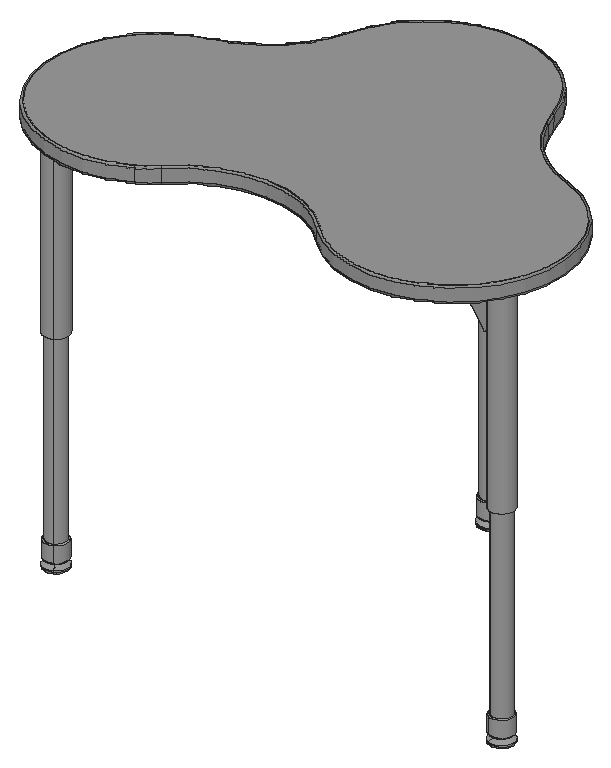
Revit family "Hierarchy Cloud 9 Small Desk", category Furniture, Revit 2018
Family settings
  Work Plane-Based = No
  Always vertical = Yes
  Cut with Voids When Loaded = No
  Shared = No
  Room Calculation Point = No
Parameters
  Table Height = 2' - 5"
  Surface = Hierarchy Cloud 9 Small Desk Surface
  Leg Finish = Hierarchy Leg Platinum
  Edgeband = Hierarchy Cloud 9 Small Desk Edgeband
  Caster/Glide = Hierarchy Leg - Glide : Hierarchy Leg - Glide
Reference planes
  plane 1 "Center (Front/Back)": y = 0
  plane 2: z = 0
  plane 3 "Center (Left/Right)": x = 0
  plane 4 "Table Height": z = 736.6
Dimensions and locks
  "Table Height": plane 4 "Table Height" to level
  aligned and locked: plane 2 to level
  aligned and locked: nested 1 to plane 4 "Table Height"
Nested families
  nested 1: "Cloud 9 Small Tabletop" at (0, 0, 30.645), type "Cloud 9 Small Tabletop"
  nested 2: "Hierarchy Leg - Glide" at (-400.129, -201.076, 0) x (-0.4871, 0.8734, 0) z (0, 0, 1), Leg Height <- "Table Height", type <- "Caster/Glide", Leg Finish <- "Leg Finish", type "Hierarchy Leg - Glide"
  nested 3: "Hierarchy Leg - Glide" at (0, 275.102, 0), Leg Finish <- "Leg Finish", Leg Height <- "Table Height", type "Hierarchy Leg - Glide"
    with Leg Height 2' - 5", Leg Finish Hierarchy Leg Platinum
  nested 4: "Hierarchy Leg - Glide" at (400.129, -201.076, 0) x (0.4871, 0.8734, 0) z (0, 0, 1), Leg Height <- "Table Height", type <- "Caster/Glide", Leg Finish <- "Leg Finish", type "Hierarchy Leg - Glide"
Definition of nested family "Cloud 9 Small Tabletop"
  Parameters (values of type "Cloud 9 Small Tabletop")
    Surface = none
    Edgeband = none
  Reference planes
    plane 1 "Center (Front/Back)": y = 0
    plane 2: z = 0
    plane 3 "Center (Left/Right)": x = 0
  Forms (mm)
    Extrusion 1, solid, material <- "Surface"
      sketch origin (53.224, -154.138, 0) x (1, 0, 0) y (0, 1, 0)
        loop
          arc (-233.074, -143.809) -> (-218.191, -134.126) -> (-204.781, -122.489) r 128.841
          arc (-204.781, -122.489) -> (-64.077, -61.869) -> (77.873, -119.511) r 198.469
          arc (77.873, -119.511) -> (373.118, -84.137) -> (270.899, 195.098) r 189.618
          arc (270.899, 195.098) -> (193.335, 237.04) -> (141.596, 308.443) r 198.461
          arc (141.596, 308.443) -> (136.305, 322.027) -> (131.148, 335.662) r 1492.15
          arc (131.148, 335.662) -> (-53.224, 476.061) -> (-237.596, 335.662) r 191.257
          arc (-237.596, 335.662) -> (-242.753, 322.027) -> (-248.044, 308.443) r 1492.15
          arc (-248.044, 308.443) -> (-300.697, 243.586) -> (-375.084, 205.568) r 202.08
          arc (-375.084, 205.568) -> (-501.451, -49.345) -> (-233.074, -143.809) r 189.975
      from 705.955 to 734.53
    Sweep 2, solid, material <- "Edgeband"
      path in 3D
        loop
          arc (184.372, 181.524, 734.53) -> (189.529, 167.889, 734.53) -> (194.82, 154.305, 734.53) r 1492.15
          arc (194.82, 154.305, 734.53) -> (246.559, 82.902, 734.53) -> (324.123, 40.96, 734.53) r 198.461
          arc (324.123, 40.96, 734.53) -> (426.342, -238.275, 734.53) -> (131.097, -273.649, 734.53) r 189.618
          arc (131.097, -273.649, 734.53) -> (-10.853, -216.007, 734.53) -> (-151.557, -276.627, 734.53) r 198.469
          arc (-151.557, -276.627, 734.53) -> (-164.967, -288.264, 734.53) -> (-179.85, -297.946, 734.53) r 128.841
          arc (-179.85, -297.946, 734.53) -> (-448.227, -203.483, 734.53) -> (-321.86, 51.43, 734.53) r 189.975
          arc (-321.86, 51.43, 734.53) -> (-247.473, 89.449, 734.53) -> (-194.82, 154.305, 734.53) r 202.08
          arc (-194.82, 154.305, 734.53) -> (-189.529, 167.889, 734.53) -> (-184.372, 181.524, 734.53) r 1492.15
          arc (-184.372, 181.524, 734.53) -> (0, 321.923, 734.53) -> (184.372, 181.524, 734.53) r 191.257
      profile origin (0, 321.923, 734.53) x (0, 1, 0) y (0, 0, 1)
        loop
          line (0, 0) -> (0, -28.575)
          arc (0, -28.575) -> (2.295, -27.624) -> (3.245, -25.33) r 3.245
          line (3.245, -25.33) -> (3.245, -3.245)
          arc (3.245, -3.245) -> (2.295, -0.951) -> (0, 0) r 3.245
  Lines and regions (mm)
    sketch lines
      curve 1: arc (-184.372, 181.524, 734.53) -> (0, 321.923, 734.53) -> (184.372, 181.524, 734.53) r 191.257
      curve 2: arc (-194.82, 154.305, 734.53) -> (-189.529, 167.889, 734.53) -> (-184.372, 181.524, 734.53) r 1492.15
      curve 3: arc (-321.86, 51.43, 734.53) -> (-247.473, 89.449, 734.53) -> (-194.82, 154.305, 734.53) r 202.08
      curve 4: arc (-179.85, -297.946, 734.53) -> (-448.227, -203.483, 734.53) -> (-321.86, 51.43, 734.53) r 189.975
      curve 5: arc (131.097, -273.649, 734.53) -> (-10.853, -216.007, 734.53) -> (-151.557, -276.627, 734.53) r 198.469
      curve 6: arc (324.123, 40.96, 734.53) -> (426.342, -238.275, 734.53) -> (131.097, -273.649, 734.53) r 189.618
      curve 7: arc (194.82, 154.305, 734.53) -> (246.559, 82.902, 734.53) -> (324.123, 40.96, 734.53) r 198.461
      curve 8: arc (184.372, 181.524, 734.53) -> (189.529, 167.889, 734.53) -> (194.82, 154.305, 734.53) r 1492.15
      curve 9: arc (-151.557, -276.627, 734.53) -> (-164.967, -288.264, 734.53) -> (-179.85, -297.946, 734.53) r 128.841
  Dimensions and locks
    aligned and locked: plane 2 to level
Definition of nested family "Hierarchy Leg - Glide"
  Parameters (values of type "Hierarchy Leg - Glide")
    Leg Finish [instance] = none
    Leg Height [instance] = 2' - 5"
  Reference planes
    plane 1 "Center (Front/Back)": y = 0
    plane 2: z = 0
    plane 3 "Center (Left/Right)": x = 0
  Forms (mm)
    Extrusion 1, solid
      sketch origin (-0.397, 0, 0) x (1, 0, 0) y (0, 1, 0)
        loop
          circle (0.397, 0) r 17.022
      from 17.175 to 410.875
    Revolve 2, solid
      sketch origin (0, 0, 0) x (1, 0, 0) y (0, 0, 1)
        loop
          line (-18.59, 45.75) -> (-20.178, 44.162) -> (-20.178, 15.591) -> (-18.587, 14) -> (-3.175, 14) -> (-3.175, 10.825) -> (-21.503, 4.125) -> (-21.503, 2.284) -> (-20.665, 0) -> (0, 0) -> (0, 45.75) -> (-18.59, 45.75)
        axis (0, 45.75) -> (0, 0)
      angle from 0 to 360
  Dimensions and locks
    "Leg Height": nested 1 to level
    aligned and locked: plane 2 to level
  Automatic sketch dimensions
    plane 1 "Center (Front/Back)" to Extrusion 1 sketch curve = 0' - 0"
    Extrusion 1 sketch curve to plane 3 "Center (Left/Right)" = 0' - 0"
    Revolve 2 sketch curve to level = 0' - 0"
    Revolve 2 sketch curve to plane 3 "Center (Left/Right)" = 0' - 0"  (x2)
    Revolve 2 sketch curve to plane 3 "Center (Left/Right)" = 0' - 0 1/8"
    Revolve 2 sketch curve to Revolve 2 sketch curve = 0' - 0.60676"
    Revolve 2 sketch curve to Revolve 2 sketch curve = 0' - 0.73189"
    Revolve 2 sketch curve to Revolve 2 sketch curve = 0' - 0.06263"  (x2)
    Revolve 2 sketch curve to Revolve 2 sketch curve = 0' - 0.08183"
    Revolve 2 sketch curve to Revolve 2 sketch curve = 0' - 0.03297"
    level to Revolve 2 sketch curve = 0' - 0.08994"
    Revolve 2 sketch curve to Revolve 2 sketch curve = 0' - 0.07247"
    level to Revolve 2 sketch curve = 0' - 0.42618"
    Revolve 2 sketch curve to Revolve 2 sketch curve = 0' - 0 1/8"
    Revolve 2 sketch curve to Revolve 2 sketch curve = 0' - 1.12486"
    Revolve 2 sketch curve to Revolve 2 sketch curve = 0' - 0 1/16"
    Revolve 2 sketch curve to level = 2' - 0"
    Revolve 2 sketch curve to Revolve 2 sketch curve = 8' - 4.91764"
    radius of Extrusion 1 sketch curve = 0' - 0.67016"
  Nested families
    nested 1: "Hierarchy Upper Leg 2023" at (0, 0, 30.425), Shapes Leg Finish <- "Leg Finish", type "Hierarchy Upper Leg 2023"
      with Shapes Leg Finish none
  Definition of nested family "Hierarchy Upper Leg 2023"
    Parameters (values of type "Hierarchy Upper Leg 2023")
      Shapes Leg Finish [instance] = none
    Reference planes
      plane 1 "Center (Front/Back)": y = 0
      plane 2: z = 0
      plane 3 "Center (Left/Right)": x = 0
    Forms (mm)
      Extrusion 1, solid, material <- "Shapes Leg Finish"
        sketch origin (0, 0, 0) x (1, 0, 0) y (0, 1, 0)
          loop
            circle (0, 0) r 21.54
        from 347.375 to 702.975
      Extrusion 2, solid, material <- "Shapes Leg Finish"
        sketch origin (0, 0, 0) x (1, 0, 0) y (0, 1, 0)
          loop
            line (-43.224, 4.873) -> (-73.311, -57.433)
            arc (-73.311, -57.433) -> (-72.134, -78.695) -> (-53.5, -89) r 22
            line (-53.5, -89) -> (53.5, -89)
            arc (53.5, -89) -> (72.134, -78.695) -> (73.311, -57.433) r 22
            line (73.311, -57.433) -> (43.224, 4.873)
            arc (43.224, 4.873) -> (0, 32) -> (-43.224, 4.873) r 48
        from 702.975 to 706.175
      Extrusion 3, solid, material <- "Shapes Leg Finish"
        sketch origin (-37.724, 220.097, 0) x (-0.434844, 0.900506, 0) y (0, 0, 1)
          loop
            line (-228.962, 702.975) -> (-299.962, 702.975)
            arc (-299.962, 702.975) -> (-302.851, 700.784) -> (-301.52, 697.412) r 3
            arc (-301.52, 697.412) -> (-263.998, 667.938) -> (-234.525, 630.417) r 200
            arc (-234.525, 630.417) -> (-231.153, 629.086) -> (-228.962, 631.975) r 3
            line (-228.962, 631.975) -> (-228.962, 702.975)
        from -49.295 to -46.095
      Extrusion 4, solid, material <- "Shapes Leg Finish"
        sketch origin (37.724, 220.097, 0) x (0.434844, 0.900506, 0) y (0, 0, -1)
          loop
            line (-228.962, -702.975) -> (-228.962, -631.975)
            arc (-228.962, -631.975) -> (-231.153, -629.086) -> (-234.525, -630.417) r 3
            arc (-234.525, -630.417) -> (-263.998, -667.938) -> (-301.52, -697.412) r 200
            arc (-301.52, -697.412) -> (-302.851, -700.784) -> (-299.962, -702.975) r 3
            line (-299.962, -702.975) -> (-228.962, -702.975)
        from -49.295 to -46.095
    Dimensions and locks
      aligned and locked: plane 2 to level
